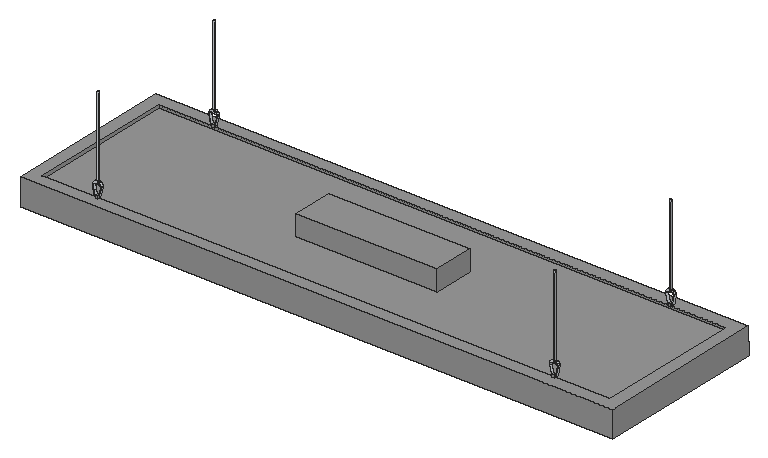
Revit family "HEFTY_4000K_15600LM_118W", category Lighting Fixtures, host Ceiling, Revit 2021
Family settings
  Host = Ceiling
  Round Connector Dimension = Use Diameter
  Part Type = Normal
  OmniClass Number = 23.80.70.11
  OmniClass Title = Luminaries for Internal Lighting
  Always vertical = Yes
  Cut with Voids When Loaded = No
  Light Source = Yes
  Shared = No
  Room Calculation Point = No
Parameters (values of type "Type 1")
  Wattage = 105.021 W
  built-in parameter 1150110 = 1 (stored number, unit not read)
  Type de lampe = "LED Mid Power"
  Type = "Luminaire industriel"
  built-in parameter 1114217 = 1 (stored number, unit not read)
  Tilt Angle = 90.00°
  Tension = "AC 220-240V"
  built-in parameter 1150109 = 1 (stored number, unit not read)
  built-in parameter 1150134 = 12
  built-in parameter 1150113 = 1 (stored number, unit not read)
  SDCM = "<3"
  Puissance nominale = "118W"
  Poids = "12 kg"
  Photometric Web File = "google_eulumdat_converter (6).ies"
  Matériau = "Acier galvanisé blanc"
  Maintien du flux = "L80B10 (50 000 heures)"
  Lumens = 15600 lm
  built-in parameter 1150115 = 1 (stored number, unit not read)
  built-in parameter 1150105 = 1241.4 (stored number, unit not read)
  built-in parameter 1150137 = (empty or 0)
  built-in parameter 1150139 = (empty or 0)
  built-in parameter 1150112 = 1 (stored number, unit not read)
  built-in parameter 1150114 = 1 (stored number, unit not read)
  built-in parameter 1150132 = 2
  built-in parameter 1150102 = (empty or 0)
  built-in parameter 1150138 = (empty or 0)
  built-in parameter 1150107 = 4000 (stored number, unit not read)
  built-in parameter 1150106 = 12.414 (stored number, unit not read)
  IRC = ">80"
  Emit from Rectangle Width = 609.6 mm
  Emit from Rectangle Length = 1219.2 mm
  Emit Shape Visible in Rendering = no
  built-in parameter 1150104 = 13.8 (stored number, unit not read)
  Durée de vie = "50 000 heures"
  Driver = "Driver Osram"
  Dimming Lamp Color Temperature Shift = <None>
  Dimensions = "1220x350x90 mm"
  Diffuseur = "Polycarbonate  prismatique UGR<22"
  Default Elevation = 0 mm
  Color Filter = 16777215
  built-in parameter 1114218 = 1 (stored number, unit not read)
  built-in parameter 1150133 = 10 (stored number, unit not read)
  Angle d'éclairage = "35°"
Reference planes
  plane 1 "Light Source Axis (F/B)": y = 0
  plane 2: z = 0
  plane 3 "Light Source Axis (L/R)": x = 0
  plane 4 "Ceiling": z = 4000
  plane 5 "Light Source Elevation": z = 3750
Forms (mm)
  Extrusion 1, solid, material "Steel, Galvanized"
    sketch origin (0, 0, 4000) x (0, 1, 0) y (-1, 0, 0)
      loop
        line (175, 610) -> (-175, 610) -> (-175, -610) -> (175, -610) -> (175, 610)
      loop
        line (150, 585) -> (-150, 585) -> (-150, -585) -> (150, -585) -> (150, 585)
    from -250 to -196.102
  Extrusion 2, solid, material "Steel, Galvanized"
    sketch origin (0, 0, 4000) x (0, 1, 0) y (-1, 0, 0)
      loop
        line (150, 585) -> (-150, 585) -> (-150, -585) -> (150, -585) -> (150, 585)
    from -201.474 to -207.22
  Extrusion 3, solid, material "Steel, Galvanized"
    sketch origin (0, 0, 4000) x (0, 1, 0) y (-1, 0, 0)
      loop
        line (43.191, 147.964) -> (-41.809, 147.964) -> (-41.809, -142.036) -> (43.191, -142.036) -> (43.191, 147.964)
    from -207.22 to -160
  Extrusion 4, solid, material "Steel, Galvanized"
    sketch origin (195.234, -80.407, 4000) x (0, -1, 0) y (1, 0, 0)
      loop
        line (71.862, 277.481) -> (66.862, 277.481) -> (66.862, 272.481) -> (71.862, 272.481) -> (71.862, 277.481)
    from -196.102 to -190.59
  Extrusion 5, solid
    sketch origin (195.234, -80.407, 0) x (-1, 0, 0) y (0, 0, -1)
      loop
        line (-273.652, -3806.915) -> (-276.521, -3806.915) -> (-281.412, -3807.954) -> (-284.54, -3827.708)
        arc (-284.54, -3827.708) -> (-274.506, -3835.045) -> (-266.484, -3825.549) r 9.115
        line (-266.484, -3825.549) -> (-270.251, -3807.826) -> (-273.652, -3806.915)
      loop
        line (-274.011, -3807.991) -> (-276.306, -3807.991) -> (-279.848, -3808.744) -> (-282.81, -3827.45)
        arc (-282.81, -3827.45) -> (-274.423, -3831.527) -> (-267.537, -3825.237) r 8.303
        line (-267.537, -3825.237) -> (-271.034, -3808.788) -> (-274.011, -3807.991)
    from 67.418 to 71.074
  Extrusion 6, solid, material "Glass, White, High Luminance"
    sketch origin (0, 0, 4000) x (0, 1, 0) y (-1, 0, 0)
      loop
        line (150, 585) -> (-150, 585) -> (-150, -585) -> (150, -585) -> (150, 585)
    from -250 to -245.079
  Extrusion 7, solid
    sketch origin (195.234, -80.407, 4000) x (0, -1, 0) y (1, 0, 0)
      loop
        circle (68.947, 275) r 1.348
    from -170.446 to 0
  Extrusion 8, solid, material "Steel, Galvanized"
    sketch origin (195.234, 80.407, 4000) x (0, -1, 0) y (1, 0, 0)
      loop
        line (-71.862, 277.481) -> (-71.862, 272.481) -> (-66.862, 272.481) -> (-66.862, 277.481) -> (-71.862, 277.481)
    from -196.102 to -190.59
  Extrusion 9, solid
    sketch origin (195.234, 80.407, 0) x (-1, 0, 0) y (0, 0, 1)
      loop
        line (-273.652, 3806.915) -> (-270.251, 3807.826) -> (-266.484, 3825.549)
        arc (-266.484, 3825.549) -> (-274.506, 3835.045) -> (-284.54, 3827.708) r 9.115
        line (-284.54, 3827.708) -> (-281.412, 3807.954) -> (-276.521, 3806.915) -> (-273.652, 3806.915)
      loop
        line (-274.011, 3807.991) -> (-271.034, 3808.788) -> (-267.537, 3825.237)
        arc (-267.537, 3825.237) -> (-274.423, 3831.527) -> (-282.81, 3827.45) r 8.303
        line (-282.81, 3827.45) -> (-279.848, 3808.744) -> (-276.306, 3807.991) -> (-274.011, 3807.991)
    from 67.418 to 71.074
  Extrusion 10, solid
    sketch origin (195.234, 80.407, 4000) x (0, -1, 0) y (1, 0, 0)
      loop
        circle (-68.947, 275) r 1.348
    from -170.446 to 0
  Extrusion 11, solid, material "Steel, Galvanized"
    sketch origin (-195.234, 80.407, 4000) x (0, 1, 0) y (-1, 0, 0)
      loop
        line (71.862, 277.481) -> (66.862, 277.481) -> (66.862, 272.481) -> (71.862, 272.481) -> (71.862, 277.481)
    from -196.102 to -190.59
  Extrusion 12, solid
    sketch origin (-195.234, 80.407, 0) x (1, 0, 0) y (0, 0, -1)
      loop
        line (-273.652, -3806.915) -> (-276.521, -3806.915) -> (-281.412, -3807.954) -> (-284.54, -3827.708)
        arc (-284.54, -3827.708) -> (-274.506, -3835.045) -> (-266.484, -3825.549) r 9.115
        line (-266.484, -3825.549) -> (-270.251, -3807.826) -> (-273.652, -3806.915)
      loop
        line (-274.011, -3807.991) -> (-276.306, -3807.991) -> (-279.848, -3808.744) -> (-282.81, -3827.45)
        arc (-282.81, -3827.45) -> (-274.423, -3831.527) -> (-267.537, -3825.237) r 8.303
        line (-267.537, -3825.237) -> (-271.034, -3808.788) -> (-274.011, -3807.991)
    from 67.418 to 71.074
  Extrusion 13, solid
    sketch origin (-195.234, 80.407, 4000) x (0, 1, 0) y (-1, 0, 0)
      loop
        circle (68.947, 275) r 1.348
    from -170.446 to 0
  Extrusion 14, solid, material "Steel, Galvanized"
    sketch origin (-195.234, -80.407, 4000) x (0, 1, 0) y (-1, 0, 0)
      loop
        line (-71.862, 277.481) -> (-71.862, 272.481) -> (-66.862, 272.481) -> (-66.862, 277.481) -> (-71.862, 277.481)
    from -196.102 to -190.59
  Extrusion 15, solid
    sketch origin (-195.234, -80.407, 0) x (1, 0, 0) y (0, 0, 1)
      loop
        line (-273.652, 3806.915) -> (-270.251, 3807.826) -> (-266.484, 3825.549)
        arc (-266.484, 3825.549) -> (-274.506, 3835.045) -> (-284.54, 3827.708) r 9.115
        line (-284.54, 3827.708) -> (-281.412, 3807.954) -> (-276.521, 3806.915) -> (-273.652, 3806.915)
      loop
        line (-274.011, 3807.991) -> (-271.034, 3808.788) -> (-267.537, 3825.237)
        arc (-267.537, 3825.237) -> (-274.423, 3831.527) -> (-282.81, 3827.45) r 8.303
        line (-282.81, 3827.45) -> (-279.848, 3808.744) -> (-276.306, 3807.991) -> (-274.011, 3807.991)
    from 67.418 to 71.074
  Extrusion 16, solid
    sketch origin (-195.234, -80.407, 4000) x (0, 1, 0) y (-1, 0, 0)
      loop
        circle (-68.947, 275) r 1.348
    from -170.446 to 0
Lines and regions (mm)
  reference lines
    curve 1: line (0, 0, 4000) -> (325, 0, 4000)
    curve 2: line (0, 0, 4000) -> (-325, 0, 4000)
    curve 3: line (-325, 0, 4000) -> (-325, 95, 4000)
    curve 4: line (-325, 95, 4000) -> (325, 95, 4000)
    curve 5: line (325, 95, 4000) -> (325, -95, 4000)
    curve 6: line (325, -95, 4000) -> (-325, -95, 4000)
    curve 7: line (-325, -95, 4000) -> (-325, 0, 4000)
    curve 8: line (0, 0, 4000) -> (225, 0, 4000)
    curve 9: line (225, 0, 4000) -> (225, -70, 4000)
    curve 10: line (225, -70, 4000) -> (-275, -70, 4000)
    curve 11: line (-275, 70, 4000) -> (225, 70, 4000)
    curve 12: line (-325, 0, 4000) -> (-300, 0, 4000)
    curve 13: line (-300, 0, 4000) -> (-300, 5, 4000)
    curve 14: line (325, 0, 4000) -> (300, 0, 4000)
    curve 15: line (0, 0, 3750) -> (0, 0, 3840)
    curve 16: line (0, 0, 4000) -> (610, 0, 4000)
    curve 17: line (610, 0, 4000) -> (610, 25, 4000)
    curve 18: line (0, 0, 4000) -> (-610, 0, 4000)
    curve 19: line (0, -70, 4000) -> (470, -70, 4000)
    curve 20: line (470, -70, 4000) -> (470, -55, 4000)
    curve 21: line (325, 0, 4000) -> (325, 175, 4000)
    curve 22: line (325, 0, 4000) -> (325, -175, 4000)
Dimensions and locks
  equal spacing: host sketch curve, plane 3 "Light Source Axis (L/R)", host sketch curve
  equal spacing: host sketch curve, plane 1 "Light Source Axis (F/B)", host sketch curve
  host sketch curve to host sketch curve = 4000 mm  (x2)
  plane 4 "Ceiling" to host ceiling = 0 mm
  aligned and locked: plane 3 "Light Source Axis (L/R)" to imposter light
  aligned and locked: plane 1 "Light Source Axis (F/B)" to imposter light
  aligned and locked: plane 5 "Light Source Elevation" to imposter light
